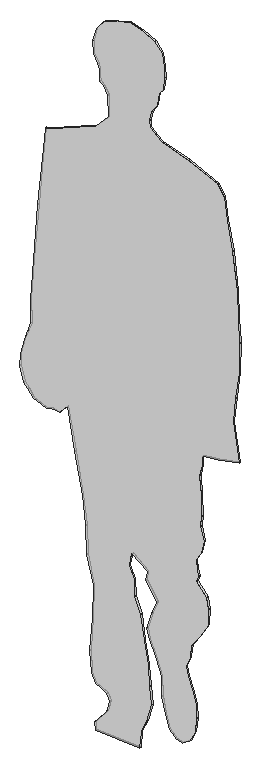
Revit family "ADSK_Антураж_Мужчина_01", category Антураж, Revit 2019
Family settings
  На основе рабочей плоскости = Нет
  Всегда вертикально = Да
  При загрузке вырезать с полостями = Нет
  Источник визуального образа = Геометрия семейства
  Общий = Нет
  Точка расчета площади = Нет
Parameters (values of type "Тип")
  Показать чертеж [instance] = yes
  Высота = 0 mm
  Материал = Антураж
  ADSK_Версия семейства = "1.0"  # constant formula
  ADSK_Версия Revit = "v2019"  # constant formula
Reference planes
  plane 1 "Center (Front/Back)": y = 0
  plane 2: z = 0
  plane 3 "Center (Left/Right)": x = 0
  plane 4: z = 1600
Forms (mm)
  Extrusion 1, solid, material "Антураж" <- "Материал"
    sketch origin (0, 0, 0) x (1, 0, 0) y (0, 0, 1)
      loop
        line (-227.455, 1381.831) -> (-239.669, 1260.617) -> (-252.542, 1118.592) -> (-259.593, 1014.968) -> (-258.563, 957.467) -> (-276.837, 909.528) -> (-287.915, 871.024) -> (-289.762, 839.593) -> (-278.098, 801.823) -> (-267.057, 790.872) -> (-251.731, 770.692) -> (-215.803, 758.221) -> (-202.711, 762.932) -> (-179.542, 760.018) -> (-157.211, 783.494) -> (-136.049, 678.347) -> (-115.314, 576.848) -> (-105.5, 503.248) -> (-102.549, 432.658) -> (-85.01, 361.198) -> (-86.894, 280.635) -> (-93.931, 195.677) -> (-89.574, 140.748) -> (-79.399, 118.748) -> (-62.563, 110.368) -> (-46.046, 105.528) -> (-38.015, 86.212) -> (-46.832, 59.399) -> (-66.265, 37.851) -> (-79.795, 21.341) -> (-78.198, 0) -> (45.48, 0) -> (50.242, 43.235) -> (65.605, 73.583) -> (78.835, 119.38) -> (74.041, 164.118) -> (69.681, 214.97) -> (58.784, 275.054) -> (48.531, 336.209) -> (31.717, 373.876) -> (30.354, 416.037) -> (16.753, 446.407) -> (23.43, 480.086) -> (66.21, 449.695) -> (62.223, 425.561) -> (93.3, 381.983) -> (79.007, 347.879) -> (65.781, 307.232) -> (71.554, 280.193) -> (92.441, 238.018) -> (105.93, 200.675) -> (107.716, 151.648) -> (116.91, 108.409) -> (127.506, 76.111) -> (147.552, 56.678) -> (163.747, 52.375) -> (184.998, 65.876) -> (201.11, 92.898) -> (205.537, 130.656) -> (202.988, 164.343) -> (192.393, 198.036) -> (180.721, 227.009) -> (175.16, 250.078) -> (186.229, 276.03) -> (190.652, 307.567) -> (214.812, 337.908) -> (236.402, 374.902) -> (238.363, 414.807) -> (232.484, 442.597) -> (205.045, 474.157) -> (210.525, 486.597) -> (205.819, 504.194) -> (202.832, 527.26) -> (217.545, 548.49) -> (225.293, 580.346) -> (216.092, 613.608) -> (219.439, 641.82) -> (216.902, 692.027) -> (212.97, 740.734) -> (221.037, 769.585) -> (220.302, 790.827) -> (266.436, 797.443) -> (323.947, 811.238) -> (306.427, 907.908) -> (314.519, 969.479) -> (323.367, 1037.593) -> (325.246, 1110.754) -> (320.571, 1171.262) -> (318.369, 1238.634) -> (305.246, 1333.798) -> (290.282, 1407.08) -> (281.205, 1461.583) -> (263.31, 1488.738) -> (182.768, 1519.909) -> (105.866, 1540.456) -> (75.524, 1563.222) -> (73.285, 1581.139) -> (78.946, 1604.152) -> (95.376, 1627.225) -> (100.055, 1657.714) -> (111.435, 1669.721) -> (115.536, 1702.33) -> (114.054, 1728.292) -> (108.285, 1760.587) -> (88.134, 1783.237) -> (53.389, 1799.462) -> (18.811, 1807.601) -> (-17.737, 1798.336) -> (-54.33, 1783.023) -> (-75.588, 1759.545) -> (-85.162, 1724.473) -> (-84.757, 1692.611) -> (-72.007, 1671.361) -> (-66.867, 1659.986) -> (-67.953, 1642.393) -> (-66.138, 1630.699) -> (-56.596, 1622.217) -> (-43.845, 1603.541) -> (-42.062, 1549.365) -> (-75.342, 1516.778) -> (-213.45, 1460.132) -> (-218.277, 1460.565) -> (-227.455, 1381.831)
    from 0 to 5
Lines and regions (mm)
  model lines
    curve 1: line (0, 150, 0) -> (0, -150, 0)
    curve 2: line (-150, 0, 0) -> (150, 0, 0)
Dimensions and locks
  aligned and locked: level to plane 2
